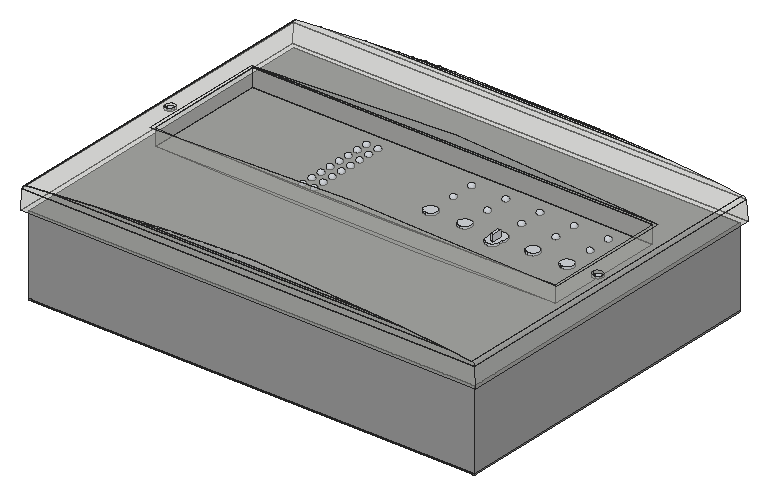
Revit family "Maxlogic Неадресный ПКП большой корпус", category Fire Alarm Devices, host Face, Revit 2021
Family settings
  Host = Face
  Maintain Annotation Orientation = Yes
  Round Connector Dimension = Use Diameter
  Part Type = Normal
  OmniClass Number = 23.85.30.21
  OmniClass Title = Environmental Detection/Registration
  Cut with Voids When Loaded = No
  Shared = No
  Room Calculation Point = No
Parameters (values of type "Maxlogic Неадресный пожарный приемно-контрольный прибор, 8 шлейфов")
  Вес = "~ 4,275 - 4,4 кг (без аккумулятора)"
  Монтажный короб для установки извещателя с поверхностной прокладкой кабеля = ""
  Гарантийный срок = "Года"
  Гарантийный срок запчастей = "2"
  Гарантия срока службы = "2"
  Версия = ""
  URL = "https://www.mavili.com.tr/"
  Монтажный комплект для установки извещателя в подвесной потолок = ""
  Номер позы общественных работ = "833-212"
  Класс защиты = ""
  Код продукта = "ML-22108"
  Номер телефона = "(+)90 216 466 45 05"
  Рабочее напряжение (по умолчанию) = ""
  Диапазон рабочего напряжения = ""
  Рабочая Температура = "(-5°C) - (+50°C)"
  Номинальная глубина = "100 мм"
  Номинальная ширина = "400 мм"
  Номинальная высота = "300 мм"
  Монтажная поверхность = "Настенная"
  Монтажная высота = ""
  Model = "Maxlogic"
  Manufacturer = "Mavili Elektronik Ticaret A.Ş."
  привело 8 = no
  привело 4 = yes
  привело 2 = yes
  Инструкция по установке = "https://mavilielektronik.com/Revit/ML221XX_RU.pdf"
  Выход индикации = ""
  Номер факса = "(+)90 216 466 45 10"
  Резервное питание = "220 В Перем. ток"
  Почта = "mavili@mavili.com.tr"
  Отказ = ""
  Настройка адреса устройства = ""
  Description = "Неадресный пожарный приемно-контрольный прибор, 8 шлейфов"
  Default Elevation = 0 mm
  Потребление тока = ""
  Валюта = ""
  Cost = 0
  Совместимые базы для монтажа = ""
  Цвет = "Белый"
  Производительность кода = "EN 54-2 / EN 54-4"
  Главный Материал = "Серый металлический"
  Вторичный материал = "Белый пластмассовый ABS"
  Аккумулятор = "2 X  (12В Пост. ток 7 Aм/ч. )"
  Assembly Code = ""
  Адрес №1 = "Şerifali Mahallesi Kutup Sokak No:27/1-2-4 Ümraniye TR-34775 İSTANBUL"
Types (5, lengths in mm): name | Вес | Номер позы общественных работ | Код продукта | привело 8 | привело 4 | привело 2 | Description | Вторичный материал | Аккумулятор
  (no name) | "~ 4,275 - 4,4 кг (без аккумулятора)" | "833-212" | "ML-22108" | no | yes | yes | "Неадресный пожарный приемно-контрольный прибор, 8 шлейфов" | "Белый пластмассовый ABS" | "2 X  (12В Пост. ток 7 Aм/ч. )"
  Maxlogic Неадресный пожарный приемно-контрольный прибор, 16 шлейфов | "~ 4,275 - 4,4 кг (без аккумулятора)" | "833-214" | "ML-22116" | yes | yes | yes | "Неадресный пожарный приемно-контрольный прибор, 16 шлейфов" | "Белый пластмассовый ABS" | "2 X  (12В Пост. ток 7 Aм/ч. )"
  Maxlogic Неадресный пожарный приемно-контрольный прибор, 8 шлейфов | "~ 4,275 - 4,4 кг (без аккумулятора)" | "833-212" | "ML-22108" | no | yes | yes | "Неадресный пожарный приемно-контрольный прибор, 8 шлейфов" | "Белый пластмассовый ABS" | "2 X  (12В Пост. ток 7 Aм/ч. )"
  Maxlogic Неадресный пожарный приемно-контрольный прибор, 4 шлейфа | "~ 4,275 - 4,4 кг (без аккумулятора)" | "833-211" | "ML-22104" | no | no | yes | "Неадресный пожарный приемно-контрольный прибор, 4 шлейфа" | "White Plastic ABS" | "2 X  (12В Пост. ток 7 Aм/ч. )"
  Maxlogic Неадресный пожарный приемно-контрольный прибор, 2 шлейфа | "~ 4,275 - 4,4 kg (без аккумулятора)" | "" | "ML-22102" | no | no | no | "Неадресный пожарный приемно-контрольный прибор, 2 шлейфа" | "Белый пластмассовый ABS" | "2 X (12В Пост. ток 7 Aм/ч. )"
Reference planes
  plane 1 "Center (Front/Back)": y = 0
  plane 2: z = 0
  plane 3 "Center (Left/Right)": x = 0
Forms (mm)
  Extrusion 1, solid, material "mavili arka kasa"
    sketch origin (-210, -150, 148.173) x (1, 0, 0) y (0, 0, -1)
      loop
        line (42.905, 77.3) -> (434.905, 77.3) -> (434.905, 146.904)
        arc (434.905, 146.904) -> (434.545, 147.715) -> (433.785, 148.173) r 1.476
        line (433.785, 148.173) -> (44.505, 148.173)
        arc (44.505, 148.173) -> (43.374, 147.704) -> (42.905, 146.573) r 1.6
        line (42.905, 146.573) -> (42.905, 77.3)
    from 0 to 300
  Extrusion 2, solid, material "Mavili beyaz"
    sketch origin (-210, -150, 148.173) x (1, 0, 0) y (0, 0, -1)
      loop
        line (38.905, 77.3) -> (39.824, 59.769)
        arc (39.824, 59.769) -> (40.651, 57.854) -> (42.526, 56.941) r 3
        arc (42.526, 56.941) -> (238.905, 47.3) -> (435.284, 56.941) r 2005
        arc (435.284, 56.941) -> (437.16, 57.854) -> (437.987, 59.769) r 3
        line (437.987, 59.769) -> (438.905, 77.3) -> (38.905, 77.3)
    from 0 to 300
  Extrusion 3, void
    sketch origin (-167.095, -150, 70.872) x (0, 0, 1) y (0, -1, 0)
      loop
        arc (-69.27, -296) -> (-70.403, -295.532) -> (-70.872, -294.4) r 1.6
        line (-70.872, -294.4) -> (-70.872, -300) -> (0, -300) -> (0, -296) -> (-69.27, -296)
    from 0 to 392
  Extrusion 4, void
    sketch origin (-167.095, 150, 70.872) x (0, 0, 1) y (0, -1, 0)
      loop
        line (-69.27, 296) -> (0, 296) -> (0, 300) -> (-70.872, 300) -> (-70.872, 294.4)
        arc (-70.872, 294.4) -> (-70.403, 295.532) -> (-69.27, 296) r 1.6
    from 0 to 392
  Extrusion 5, void
    sketch origin (-210, -150, 148.173) x (0, 0, -1) y (0, 1, 0)
      loop
        line (55.289, 116.326) -> (55.289, 228.158) -> (47.3, 228.297) -> (47.3, 111.721) -> (55.289, 116.326)
    from 0 to 497.127
  Extrusion 6, void
    sketch origin (-210, -150, 148.173) x (0, 0, -1) y (0, 1, 0)
      loop
        arc (47.3, 295.581) -> (48.124, 297.646) -> (50.143, 298.577) r 3
        line (50.143, 298.577) -> (51.913, 298.669) -> (55.057, 298.834) -> (59.769, 299.081) -> (77.3, 300) -> (50, 300) -> (47.3, 300) -> (47.3, 295.581)
    from 0 to 493.151
  Extrusion 7, void
    sketch origin (-210, 150, 148.173) x (0, 0, -1) y (0, 1, 0)
      loop
        line (47.3, -295.581) -> (47.3, -300) -> (50, -300) -> (77.3, -300) -> (59.769, -299.081) -> (55.057, -298.834) -> (51.913, -298.669) -> (50.143, -298.577)
        arc (50.143, -298.577) -> (48.124, -297.646) -> (47.3, -295.581) r 3
    from 0 to 493.151
  Extrusion 8, void
    sketch origin (-167.095, 146, 25.472) x (0, 0, -1) y (1, 0, 0)
      loop
        line (-13.523, 66.9) -> (-13.523, 68.054)
        arc (-13.523, 68.054) -> (-15, 68.144) -> (-16.477, 68.054) r 12.144
        line (-16.477, 68.054) -> (-16.477, 66.9)
        arc (-16.477, 66.9) -> (-26, 56.025) -> (-16.527, 45.106) r 11
        line (-16.527, 45.106) -> (-16.527, 43.952)
        arc (-16.527, 43.952) -> (-15, 43.856) -> (-13.473, 43.952) r 12.144
        line (-13.473, 43.952) -> (-13.473, 45.106)
        arc (-13.473, 45.106) -> (-4, 56.025) -> (-13.523, 66.9) r 11
    from 0 to 1
  Extrusion 9, void
    sketch origin (-127.095, 146, 25.472) x (0, 0, -1) y (1, 0, 0)
      loop
        line (-13.523, 66.9) -> (-13.523, 68.054)
        arc (-13.523, 68.054) -> (-15, 68.144) -> (-16.477, 68.054) r 12.144
        line (-16.477, 68.054) -> (-16.477, 66.9)
        arc (-16.477, 66.9) -> (-26, 56.025) -> (-16.527, 45.106) r 11
        line (-16.527, 45.106) -> (-16.527, 43.952)
        arc (-16.527, 43.952) -> (-15, 43.856) -> (-13.473, 43.952) r 12.144
        line (-13.473, 43.952) -> (-13.473, 45.106)
        arc (-13.473, 45.106) -> (-4, 56.025) -> (-13.523, 66.9) r 11
    from 0 to 1
  Extrusion 10, void
    sketch origin (-87.095, 146, 25.472) x (0, 0, -1) y (1, 0, 0)
      loop
        line (-13.523, 66.9) -> (-13.523, 68.054)
        arc (-13.523, 68.054) -> (-15, 68.144) -> (-16.477, 68.054) r 12.144
        line (-16.477, 68.054) -> (-16.477, 66.9)
        arc (-16.477, 66.9) -> (-26, 56.025) -> (-16.527, 45.106) r 11
        line (-16.527, 45.106) -> (-16.527, 43.952)
        arc (-16.527, 43.952) -> (-15, 43.856) -> (-13.473, 43.952) r 12.144
        line (-13.473, 43.952) -> (-13.473, 45.106)
        arc (-13.473, 45.106) -> (-4, 56.025) -> (-13.523, 66.9) r 11
    from 0 to 1
  Extrusion 11, void
    sketch origin (-47.095, 146, 25.472) x (0, 0, -1) y (1, 0, 0)
      loop
        line (-13.523, 66.9) -> (-13.523, 68.054)
        arc (-13.523, 68.054) -> (-15, 68.144) -> (-16.477, 68.054) r 12.144
        line (-16.477, 68.054) -> (-16.477, 66.9)
        arc (-16.477, 66.9) -> (-26, 56.025) -> (-16.527, 45.106) r 11
        line (-16.527, 45.106) -> (-16.527, 43.952)
        arc (-16.527, 43.952) -> (-15, 43.856) -> (-13.473, 43.952) r 12.144
        line (-13.473, 43.952) -> (-13.473, 45.106)
        arc (-13.473, 45.106) -> (-4, 56.025) -> (-13.523, 66.9) r 11
    from 0 to 1
  Extrusion 12, void
    sketch origin (-7.095, 146, 25.472) x (0, 0, -1) y (1, 0, 0)
      loop
        line (-13.523, 66.9) -> (-13.523, 68.054)
        arc (-13.523, 68.054) -> (-15, 68.144) -> (-16.477, 68.054) r 12.144
        line (-16.477, 68.054) -> (-16.477, 66.9)
        arc (-16.477, 66.9) -> (-26, 56.025) -> (-16.527, 45.106) r 11
        line (-16.527, 45.106) -> (-16.527, 43.952)
        arc (-16.527, 43.952) -> (-15, 43.856) -> (-13.473, 43.952) r 12.144
        line (-13.473, 43.952) -> (-13.473, 45.106)
        arc (-13.473, 45.106) -> (-4, 56.025) -> (-13.523, 66.9) r 11
    from 0 to 1
  Extrusion 13, void
    sketch origin (32.905, 146, 25.472) x (0, 0, -1) y (1, 0, 0)
      loop
        line (-13.523, 66.9) -> (-13.523, 68.054)
        arc (-13.523, 68.054) -> (-15, 68.144) -> (-16.477, 68.054) r 12.144
        line (-16.477, 68.054) -> (-16.477, 66.9)
        arc (-16.477, 66.9) -> (-26, 56.025) -> (-16.527, 45.106) r 11
        line (-16.527, 45.106) -> (-16.527, 43.952)
        arc (-16.527, 43.952) -> (-15, 43.856) -> (-13.473, 43.952) r 12.144
        line (-13.473, 43.952) -> (-13.473, 45.106)
        arc (-13.473, 45.106) -> (-4, 56.025) -> (-13.523, 66.9) r 11
    from 0 to 1
  Extrusion 14, void
    sketch origin (72.905, 146, 25.472) x (0, 0, -1) y (1, 0, 0)
      loop
        line (-13.523, 66.9) -> (-13.523, 68.054)
        arc (-13.523, 68.054) -> (-15, 68.144) -> (-16.477, 68.054) r 12.144
        line (-16.477, 68.054) -> (-16.477, 66.9)
        arc (-16.477, 66.9) -> (-26, 56.025) -> (-16.527, 45.106) r 11
        line (-16.527, 45.106) -> (-16.527, 43.952)
        arc (-16.527, 43.952) -> (-15, 43.856) -> (-13.473, 43.952) r 12.144
        line (-13.473, 43.952) -> (-13.473, 45.106)
        arc (-13.473, 45.106) -> (-4, 56.025) -> (-13.523, 66.9) r 11
    from 0 to 1
  Extrusion 15, void
    sketch origin (112.905, 146, 25.472) x (0, 0, -1) y (1, 0, 0)
      loop
        line (-13.523, 66.9) -> (-13.523, 68.054)
        arc (-13.523, 68.054) -> (-15, 68.144) -> (-16.477, 68.054) r 12.144
        line (-16.477, 68.054) -> (-16.477, 66.9)
        arc (-16.477, 66.9) -> (-26, 56.025) -> (-16.527, 45.106) r 11
        line (-16.527, 45.106) -> (-16.527, 43.952)
        arc (-16.527, 43.952) -> (-15, 43.856) -> (-13.473, 43.952) r 12.144
        line (-13.473, 43.952) -> (-13.473, 45.106)
        arc (-13.473, 45.106) -> (-4, 56.025) -> (-13.523, 66.9) r 11
    from 0 to 1
  Extrusion 16, void
    sketch origin (-210, -33.417, 92.884) x (-1, 0, 0) y (0, 1, 0)
      loop
        line (-62.836, 2.214) -> (-62.836, 108.579)
        spline (-62.836, 108.579) -> (-92.123, 108.62) -> (-121.442, 108.654) -> (-150.785, 108.681) -> (-180.148, 108.699) -> (-209.524, 108.711) -> (-238.905, 108.714) -> (-268.287, 108.711) -> (-297.662, 108.699) -> (-327.025, 108.681) -> (-356.369, 108.654) -> (-385.687, 108.62) -> (-414.974, 108.579)
        line (-414.974, 108.579) -> (-414.974, 2.214)
        spline (-414.974, 2.214) -> (-385.687, 0.847) -> (-356.369, -0.273) -> (-327.025, -1.144) -> (-297.662, -1.766) -> (-268.287, -2.14) -> (-238.905, -2.264) -> (-209.524, -2.14) -> (-180.148, -1.766) -> (-150.785, -1.144) -> (-121.442, -0.273) -> (-92.123, 0.847) -> (-62.836, 2.214)
    from 0 to 15
  Extrusion 17, void
    sketch origin (-210, -33.417, 92.884) x (-1, 0, 0) y (0, 1, 0)
      loop
        circle (-50.905, 33.417) r 4.25
    from 0 to 3
  Extrusion 18, solid
    sketch origin (-210, -33.442, 89.884) x (0, 1, 0) y (-1, 0, 0)
      loop
        line (35.753, -50.862) -> (34.597, -48.861) -> (32.286, -48.861) -> (31.13, -50.862) -> (32.286, -52.864) -> (34.597, -52.864) -> (35.753, -50.862)
    from 0 to 1
  Extrusion 19, void
    sketch origin (267.811, -33.417, 92.884) x (-1, 0, 0) y (0, 1, 0)
      loop
        circle (50.905, 33.417) r 4.25
    from 0 to 3
  Extrusion 20, solid
    sketch origin (267.811, -33.442, 89.884) x (0, 1, 0) y (-1, 0, 0)
      loop
        line (35.753, 50.862) -> (34.597, 52.864) -> (32.286, 52.864) -> (31.13, 50.862) -> (32.286, 48.861) -> (34.597, 48.861) -> (35.753, 50.862)
    from 0 to 1
  Revolve 21, solid, visible <- "привело 8"
    sketch origin (-210, -33.417, 77.884) x (0, 1, 0) y (-1, 0, 0)
      loop
        line (96.899, -86.908) -> (91.899, -86.908)
        arc (91.899, -86.908) -> (94.399, -89.408) -> (96.899, -86.908) r 2.5
      axis (96.899, -86.908) -> (91.899, -86.908)
    angle from 0 to -180
  Revolve 22, solid, visible <- "привело 8"
    sketch origin (-200, -33.417, 77.884) x (0, 1, 0) y (-1, 0, 0)
      loop
        line (96.899, -86.908) -> (91.899, -86.908)
        arc (91.899, -86.908) -> (94.399, -89.408) -> (96.899, -86.908) r 2.5
      axis (96.899, -86.908) -> (91.899, -86.908)
    angle from 0 to -180
  Revolve 23, solid, visible <- "привело 8"
    sketch origin (-210, -43.417, 77.884) x (0, 1, 0) y (-1, 0, 0)
      loop
        line (96.899, -86.908) -> (91.899, -86.908)
        arc (91.899, -86.908) -> (94.399, -89.408) -> (96.899, -86.908) r 2.5
      axis (96.899, -86.908) -> (91.899, -86.908)
    angle from 0 to -180
  Revolve 24, solid, visible <- "привело 8"
    sketch origin (-200, -43.417, 77.884) x (0, 1, 0) y (-1, 0, 0)
      loop
        line (96.899, -86.908) -> (91.899, -86.908)
        arc (91.899, -86.908) -> (94.399, -89.408) -> (96.899, -86.908) r 2.5
      axis (96.899, -86.908) -> (91.899, -86.908)
    angle from 0 to -180
  Revolve 25, solid, visible <- "привело 8"
    sketch origin (-210, -53.417, 77.884) x (0, 1, 0) y (-1, 0, 0)
      loop
        line (96.899, -86.908) -> (91.899, -86.908)
        arc (91.899, -86.908) -> (94.399, -89.408) -> (96.899, -86.908) r 2.5
      axis (96.899, -86.908) -> (91.899, -86.908)
    angle from 0 to -180
  Revolve 26, solid, visible <- "привело 8"
    sketch origin (-200, -53.417, 77.884) x (0, 1, 0) y (-1, 0, 0)
      loop
        line (96.899, -86.908) -> (91.899, -86.908)
        arc (91.899, -86.908) -> (94.399, -89.408) -> (96.899, -86.908) r 2.5
      axis (96.899, -86.908) -> (91.899, -86.908)
    angle from 0 to -180
  Revolve 27, solid, visible <- "привело 8"
    sketch origin (-210, -63.417, 77.884) x (0, 1, 0) y (-1, 0, 0)
      loop
        line (96.899, -86.908) -> (91.899, -86.908)
        arc (91.899, -86.908) -> (94.399, -89.408) -> (96.899, -86.908) r 2.5
      axis (96.899, -86.908) -> (91.899, -86.908)
    angle from 0 to -180
  Revolve 28, solid, visible <- "привело 8"
    sketch origin (-200, -63.417, 77.884) x (0, 1, 0) y (-1, 0, 0)
      loop
        line (96.899, -86.908) -> (91.899, -86.908)
        arc (91.899, -86.908) -> (94.399, -89.408) -> (96.899, -86.908) r 2.5
      axis (96.899, -86.908) -> (91.899, -86.908)
    angle from 0 to -180
  Revolve 29, solid, visible <- "привело 8"
    sketch origin (-210, -73.417, 77.884) x (0, 1, 0) y (-1, 0, 0)
      loop
        line (96.899, -86.908) -> (91.899, -86.908)
        arc (91.899, -86.908) -> (94.399, -89.408) -> (96.899, -86.908) r 2.5
      axis (96.899, -86.908) -> (91.899, -86.908)
    angle from 0 to -180
  Revolve 30, solid, visible <- "привело 8"
    sketch origin (-200, -73.417, 77.884) x (0, 1, 0) y (-1, 0, 0)
      loop
        line (96.899, -86.908) -> (91.899, -86.908)
        arc (91.899, -86.908) -> (94.399, -89.408) -> (96.899, -86.908) r 2.5
      axis (96.899, -86.908) -> (91.899, -86.908)
    angle from 0 to -180
  Revolve 31, solid, visible <- "привело 8"
    sketch origin (-210, -83.417, 77.884) x (0, 1, 0) y (-1, 0, 0)
      loop
        line (96.899, -86.908) -> (91.899, -86.908)
        arc (91.899, -86.908) -> (94.399, -89.408) -> (96.899, -86.908) r 2.5
      axis (96.899, -86.908) -> (91.899, -86.908)
    angle from 0 to -180
  Revolve 32, solid, visible <- "привело 8"
    sketch origin (-200, -83.417, 77.884) x (0, 1, 0) y (-1, 0, 0)
      loop
        line (96.899, -86.908) -> (91.899, -86.908)
        arc (91.899, -86.908) -> (94.399, -89.408) -> (96.899, -86.908) r 2.5
      axis (96.899, -86.908) -> (91.899, -86.908)
    angle from 0 to -180
  Revolve 33, solid, visible <- "привело 8"
    sketch origin (-210, -93.417, 77.884) x (0, 1, 0) y (-1, 0, 0)
      loop
        line (96.899, -86.908) -> (91.899, -86.908)
        arc (91.899, -86.908) -> (94.399, -89.408) -> (96.899, -86.908) r 2.5
      axis (96.899, -86.908) -> (91.899, -86.908)
    angle from 0 to -180
  Revolve 34, solid, visible <- "привело 8"
    sketch origin (-200, -93.417, 77.884) x (0, 1, 0) y (-1, 0, 0)
      loop
        line (96.899, -86.908) -> (91.899, -86.908)
        arc (91.899, -86.908) -> (94.399, -89.408) -> (96.899, -86.908) r 2.5
      axis (96.899, -86.908) -> (91.899, -86.908)
    angle from 0 to -180
  Revolve 35, solid, visible <- "привело 8"
    sketch origin (-210, -103.417, 77.884) x (0, 1, 0) y (-1, 0, 0)
      loop
        line (96.899, -86.908) -> (91.899, -86.908)
        arc (91.899, -86.908) -> (94.399, -89.408) -> (96.899, -86.908) r 2.5
      axis (96.899, -86.908) -> (91.899, -86.908)
    angle from 0 to -180
  Revolve 36, solid, visible <- "привело 8"
    sketch origin (-200, -103.417, 77.884) x (0, 1, 0) y (-1, 0, 0)
      loop
        line (96.899, -86.908) -> (91.899, -86.908)
        arc (91.899, -86.908) -> (94.399, -89.408) -> (96.899, -86.908) r 2.5
      axis (96.899, -86.908) -> (91.899, -86.908)
    angle from 0 to -180
  Revolve 37, solid
    sketch origin (-122.5, -33.417, 77.884) x (0, 1, 0) y (-1, 0, 0)
      loop
        line (96.899, -86.908) -> (91.899, -86.908)
        arc (91.899, -86.908) -> (94.399, -89.408) -> (96.899, -86.908) r 2.5
      axis (96.899, -86.908) -> (91.899, -86.908)
    angle from 0 to -180
  Revolve 38, solid
    sketch origin (-112.5, -33.417, 77.884) x (0, 1, 0) y (-1, 0, 0)
      loop
        line (96.899, -86.908) -> (91.899, -86.908)
        arc (91.899, -86.908) -> (94.399, -89.408) -> (96.899, -86.908) r 2.5
      axis (96.899, -86.908) -> (91.899, -86.908)
    angle from 0 to -180
  Revolve 39, solid
    sketch origin (-122.5, -43.417, 77.884) x (0, 1, 0) y (-1, 0, 0)
      loop
        line (96.899, -86.908) -> (91.899, -86.908)
        arc (91.899, -86.908) -> (94.399, -89.408) -> (96.899, -86.908) r 2.5
      axis (96.899, -86.908) -> (91.899, -86.908)
    angle from 0 to -180
  Revolve 40, solid
    sketch origin (-112.5, -43.417, 77.884) x (0, 1, 0) y (-1, 0, 0)
      loop
        line (96.899, -86.908) -> (91.899, -86.908)
        arc (91.899, -86.908) -> (94.399, -89.408) -> (96.899, -86.908) r 2.5
      axis (96.899, -86.908) -> (91.899, -86.908)
    angle from 0 to -180
  Revolve 41, solid, visible <- "привело 2"
    sketch origin (-122.5, -53.417, 77.884) x (0, 1, 0) y (-1, 0, 0)
      loop
        line (96.899, -86.908) -> (91.899, -86.908)
        arc (91.899, -86.908) -> (94.399, -89.408) -> (96.899, -86.908) r 2.5
      axis (96.899, -86.908) -> (91.899, -86.908)
    angle from 0 to -180
  Revolve 42, solid, visible <- "привело 2"
    sketch origin (-112.5, -53.417, 77.884) x (0, 1, 0) y (-1, 0, 0)
      loop
        line (96.899, -86.908) -> (91.899, -86.908)
        arc (91.899, -86.908) -> (94.399, -89.408) -> (96.899, -86.908) r 2.5
      axis (96.899, -86.908) -> (91.899, -86.908)
    angle from 0 to -180
  Revolve 43, solid, visible <- "привело 2"
    sketch origin (-122.5, -63.417, 77.884) x (0, 1, 0) y (-1, 0, 0)
      loop
        line (96.899, -86.908) -> (91.899, -86.908)
        arc (91.899, -86.908) -> (94.399, -89.408) -> (96.899, -86.908) r 2.5
      axis (96.899, -86.908) -> (91.899, -86.908)
    angle from 0 to -180
  Revolve 44, solid, visible <- "привело 2"
    sketch origin (-112.5, -63.417, 77.884) x (0, 1, 0) y (-1, 0, 0)
      loop
        line (96.899, -86.908) -> (91.899, -86.908)
        arc (91.899, -86.908) -> (94.399, -89.408) -> (96.899, -86.908) r 2.5
      axis (96.899, -86.908) -> (91.899, -86.908)
    angle from 0 to -180
  Revolve 45, solid, visible <- "привело 4"
    sketch origin (-122.5, -73.417, 77.884) x (0, 1, 0) y (-1, 0, 0)
      loop
        line (96.899, -86.908) -> (91.899, -86.908)
        arc (91.899, -86.908) -> (94.399, -89.408) -> (96.899, -86.908) r 2.5
      axis (96.899, -86.908) -> (91.899, -86.908)
    angle from 0 to -180
  Revolve 46, solid, visible <- "привело 4"
    sketch origin (-112.5, -73.417, 77.884) x (0, 1, 0) y (-1, 0, 0)
      loop
        line (96.899, -86.908) -> (91.899, -86.908)
        arc (91.899, -86.908) -> (94.399, -89.408) -> (96.899, -86.908) r 2.5
      axis (96.899, -86.908) -> (91.899, -86.908)
    angle from 0 to -180
  Revolve 47, solid, visible <- "привело 4"
    sketch origin (-122.5, -83.417, 77.884) x (0, 1, 0) y (-1, 0, 0)
      loop
        line (96.899, -86.908) -> (91.899, -86.908)
        arc (91.899, -86.908) -> (94.399, -89.408) -> (96.899, -86.908) r 2.5
      axis (96.899, -86.908) -> (91.899, -86.908)
    angle from 0 to -180
  Revolve 48, solid, visible <- "привело 4"
    sketch origin (-112.5, -83.417, 77.884) x (0, 1, 0) y (-1, 0, 0)
      loop
        line (96.899, -86.908) -> (91.899, -86.908)
        arc (91.899, -86.908) -> (94.399, -89.408) -> (96.899, -86.908) r 2.5
      axis (96.899, -86.908) -> (91.899, -86.908)
    angle from 0 to -180
  Revolve 49, solid, visible <- "привело 4"
    sketch origin (-122.5, -93.417, 77.884) x (0, 1, 0) y (-1, 0, 0)
      loop
        line (96.899, -86.908) -> (91.899, -86.908)
        arc (91.899, -86.908) -> (94.399, -89.408) -> (96.899, -86.908) r 2.5
      axis (96.899, -86.908) -> (91.899, -86.908)
    angle from 0 to -180
  Revolve 50, solid, visible <- "привело 4"
    sketch origin (-112.5, -93.417, 77.884) x (0, 1, 0) y (-1, 0, 0)
      loop
        line (96.899, -86.908) -> (91.899, -86.908)
        arc (91.899, -86.908) -> (94.399, -89.408) -> (96.899, -86.908) r 2.5
      axis (96.899, -86.908) -> (91.899, -86.908)
    angle from 0 to -180
  Revolve 51, solid, visible <- "привело 4"
    sketch origin (-122.5, -103.417, 77.884) x (0, 1, 0) y (-1, 0, 0)
      loop
        line (96.899, -86.908) -> (91.899, -86.908)
        arc (91.899, -86.908) -> (94.399, -89.408) -> (96.899, -86.908) r 2.5
      axis (96.899, -86.908) -> (91.899, -86.908)
    angle from 0 to -180
  Revolve 52, solid, visible <- "привело 4"
    sketch origin (-112.5, -103.417, 77.884) x (0, 1, 0) y (-1, 0, 0)
      loop
        line (96.899, -86.908) -> (91.899, -86.908)
        arc (91.899, -86.908) -> (94.399, -89.408) -> (96.899, -86.908) r 2.5
      axis (96.899, -86.908) -> (91.899, -86.908)
    angle from 0 to -180
  Revolve 53, solid
    sketch origin (-30, -33.417, 77.884) x (0, 1, 0) y (-1, 0, 0)
      loop
        line (96.899, -86.908) -> (91.899, -86.908)
        arc (91.899, -86.908) -> (94.399, -89.408) -> (96.899, -86.908) r 2.5
      axis (96.899, -86.908) -> (91.899, -86.908)
    angle from 0 to -180
  Revolve 54, solid
    sketch origin (0, -33.417, 77.884) x (0, 1, 0) y (-1, 0, 0)
      loop
        line (96.899, -86.908) -> (91.899, -86.908)
        arc (91.899, -86.908) -> (94.399, -89.408) -> (96.899, -86.908) r 2.5
      axis (96.899, -86.908) -> (91.899, -86.908)
    angle from 0 to -180
  Revolve 55, solid
    sketch origin (30, -33.417, 77.884) x (0, 1, 0) y (-1, 0, 0)
      loop
        line (96.899, -86.908) -> (91.899, -86.908)
        arc (91.899, -86.908) -> (94.399, -89.408) -> (96.899, -86.908) r 2.5
      axis (96.899, -86.908) -> (91.899, -86.908)
    angle from 0 to -180
  Revolve 56, solid
    sketch origin (60, -33.417, 77.884) x (0, 1, 0) y (-1, 0, 0)
      loop
        line (96.899, -86.908) -> (91.899, -86.908)
        arc (91.899, -86.908) -> (94.399, -89.408) -> (96.899, -86.908) r 2.5
      axis (96.899, -86.908) -> (91.899, -86.908)
    angle from 0 to -180
  Revolve 57, solid
    sketch origin (90, -33.417, 77.884) x (0, 1, 0) y (-1, 0, 0)
      loop
        line (96.899, -86.908) -> (91.899, -86.908)
        arc (91.899, -86.908) -> (94.399, -89.408) -> (96.899, -86.908) r 2.5
      axis (96.899, -86.908) -> (91.899, -86.908)
    angle from 0 to -180
  Revolve 58, solid
    sketch origin (-30, -53.417, 77.884) x (0, 1, 0) y (-1, 0, 0)
      loop
        line (96.899, -86.908) -> (91.899, -86.908)
        arc (91.899, -86.908) -> (94.399, -89.408) -> (96.899, -86.908) r 2.5
      axis (96.899, -86.908) -> (91.899, -86.908)
    angle from 0 to -180
  Revolve 59, solid
    sketch origin (0, -53.417, 77.884) x (0, 1, 0) y (-1, 0, 0)
      loop
        line (96.899, -86.908) -> (91.899, -86.908)
        arc (91.899, -86.908) -> (94.399, -89.408) -> (96.899, -86.908) r 2.5
      axis (96.899, -86.908) -> (91.899, -86.908)
    angle from 0 to -180
  Revolve 60, solid
    sketch origin (30, -53.417, 77.884) x (0, 1, 0) y (-1, 0, 0)
      loop
        line (96.899, -86.908) -> (91.899, -86.908)
        arc (91.899, -86.908) -> (94.399, -89.408) -> (96.899, -86.908) r 2.5
      axis (96.899, -86.908) -> (91.899, -86.908)
    angle from 0 to -180
  Revolve 61, solid
    sketch origin (60, -53.417, 77.884) x (0, 1, 0) y (-1, 0, 0)
      loop
        line (96.899, -86.908) -> (91.899, -86.908)
        arc (91.899, -86.908) -> (94.399, -89.408) -> (96.899, -86.908) r 2.5
      axis (96.899, -86.908) -> (91.899, -86.908)
    angle from 0 to -180
  Revolve 62, solid
    sketch origin (90, -53.417, 77.884) x (0, 1, 0) y (-1, 0, 0)
      loop
        line (96.899, -86.908) -> (91.899, -86.908)
        arc (91.899, -86.908) -> (94.399, -89.408) -> (96.899, -86.908) r 2.5
      axis (96.899, -86.908) -> (91.899, -86.908)
    angle from 0 to -180
  Extrusion 63, solid
    sketch origin (-180, -33.417, 77.884) x (0, 1, 0) y (-1, 0, 0)
      loop
        circle (49.399, -266.908) r 5.5
    from 0 to 1.362
  Extrusion 64, solid
    sketch origin (-210, -33.417, 77.884) x (0, 1, 0) y (-1, 0, 0)
      loop
        circle (49.399, -266.908) r 5.5
    from 0 to 1.362
  Extrusion 65, solid
    sketch origin (-120, -33.417, 77.884) x (0, 1, 0) y (-1, 0, 0)
      loop
        circle (49.399, -266.908) r 5.5
    from 0 to 1.362
  Extrusion 66, solid
    sketch origin (-90, -33.417, 77.884) x (0, 1, 0) y (-1, 0, 0)
      loop
        circle (49.399, -266.908) r 5.5
    from 0 to 1.362
  Extrusion 67, solid
    sketch origin (-210, -33.417, 77.884) x (0, 1, 0) y (-1, 0, 0)
      loop
        arc (45.863, -332.658) -> (56.149, -326.908) -> (45.863, -321.158) r 6.75
        line (45.863, -321.158) -> (42.399, -321.158)
        arc (42.399, -321.158) -> (36.649, -326.908) -> (42.399, -332.658) r 5.75
        line (42.399, -332.658) -> (45.863, -332.658)
    from 0 to 1.362
  Extrusion 68, solid
    sketch origin (-210, -33.417, 77.884) x (0, 1, 0) y (-1, 0, 0)
      loop
        line (49.876, -326.908) -> (49.876, -325.89) -> (41.691, -325.89) -> (41.691, -326.908) -> (41.691, -327.927) -> (49.876, -327.927) -> (49.876, -326.908)
    from 0 to 6.687
Cuts and joins
  Extrusion 3, Extrusion 4, Extrusion 8, Extrusion 9, Extrusion 10, Extrusion 11, Extrusion 12, Extrusion 13, Extrusion 14, Extrusion 15 cuts Extrusion 1
  Extrusion 3, Extrusion 4, Extrusion 5, Extrusion 6, Extrusion 7, Extrusion 16, Extrusion 17, Extrusion 19 cuts Extrusion 2
  Extrusion 19 cuts Extrusion 18
Dimensions and locks
  aligned and locked: plane 2 to host face
  aligned and locked: level to host face
Connectors
  electrical at (29.145, 0, 0)
    settings: on cut or joined group of Extrusion 1, Extrusion 3, Extrusion 4, Extrusion 8, Extrusion 9, Extrusion 10, Extrusion 11, Extrusion 12, Extrusion 13, Extrusion 14, Extrusion 15, index 1, voltage 0 V, apparent load 0 VA, apparent load phase1 0 VA, apparent load phase2 0 VA, apparent load phase3 0 VA, power factor 1, load classification "Other", number of poles 1, system type 31, power factor state 1, is connector primary yes, connector utility no, sub classification motor no, connector description ""
